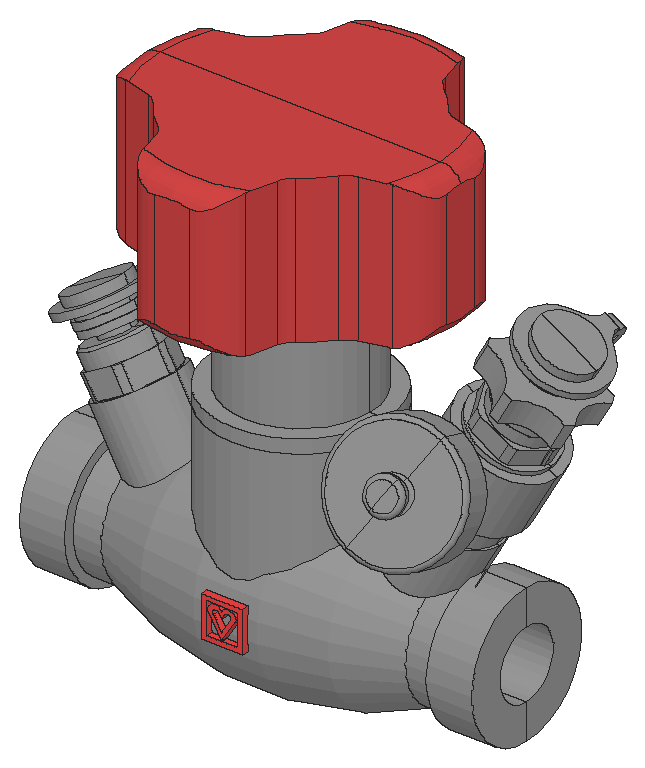
Revit family "HERZ Strömax Commissioning Valve With Test Points, Straight Body 4217 GML (LF-MF)", category Rohrzubehör, Revit 2021
Family settings
  Bemaßung runder Anschluss = Durchmesser verwenden
  Teiletyp = Unterbricht
  OmniClass-Nummer = 23.65.55.14
  OmniClass-Titel = Valves for Liquid Services
  Arbeitsebenenbasiert = Nein
  Immer vertikal = Ja
  Beim Laden mit Abzugskörper schneiden = Nein
  Gemeinsam genutzt = Nein
Parameters (values of type "MF")
  kvs-value [instance] = if(and(LF, Nennweite = 15.00 mm), 0.93, if(and(MF, Nennweite = 15.00 mm), 3.49, 0))  # 3.49
  W02 = 60.00°  # constant formula
  W01 = 30.00°  # constant formula
  Vorgabe-Ansicht = 0.00 mm
  URL = "www.herzvalves.com"
  SC_NennweiteBerechnet = 0
  SC_Dimension = ""
  SCRNSEQ = "ARM;ARM_TYP=\"STRV\";2"
  SCRNCODE = "05;07;02"  # constant formula
  S02 = 60.00 mm  # constant formula
  S01 [instance] = H00 + H01  # 68.20 mm
  R01 [instance] = 21.00 mm  # constant formula
  Part number [instance] = if(and(LF, Nennweite = 15.00 mm), 1421710, if(and(MF, Nennweite = 15.00 mm), 1421719, 0))  # 1421719
  Nennweite [instance] = 15.00 mm
  Model = "STRÖMAX-GML commissioning valve with test points and capillary connection 1/2′′ – 3′′:\r\nScrew down model, brass version, socket x socket, non-rising spindle, spindle seal by means of double-O-ring, presetting by limitation of valve lift by means of internal spindle;\r\ndigital display of presetting step at the hand wheel window.\r\nOne standard test point and one test point fitted with a capillary connection are located adjacent to the hand wheel."
  Medium = "Water purity in accordance with the OeNORM H5195 and VDI 2035 standards.\r\nEthylene and propylene glycol can be mixed to a ratio of 25 - 50 vol. [%]."
  Max. operating pressure = 1600000.0 Pa  # constant formula
  Max. operating temperature (up to DN32) = 130 °C  # constant formula
  Max. operating temperature (from DN40) = 110 °C  # constant formula
  ML02 [instance] = 30.20 mm  # constant formula
  ML01 [instance] = 20.67 mm  # constant formula
  MF [instance] = yes
  MD01 = 9.50 mm  # constant formula
  LF [instance] = no
  L02 [instance] = 10.00 mm  # constant formula
  L01 [instance] = 16.30 mm  # constant formula
  L00 [instance] = 100.00 mm  # constant formula
  IG [instance] = Nennweite / 2  # 7.50 mm
  Hersteller = "HERZ Armaturen Ges.m.b.H."  # constant formula
  H04 [instance] = 2.50 mm  # constant formula
  H03 = 10.00 mm  # constant formula
  H02 [instance] = 3.00 mm  # constant formula
  H01 [instance] = 33.30 mm  # constant formula
  H00 [instance] = 34.90 mm  # constant formula
  Weight [instance] = if(and(LF, Nennweite = 15.00 mm), "0.98 kg", if(and(MF, Nennweite = 15.00 mm), "0.97 kg", "0 kg"))  # "0.97 kg"
  GT [instance] = 15.00 mm  # constant formula
  Field of application = "For hydraulic balancing in heating and cooling systems, adjustment of distribution mains, circuits, heat exchangers, heating and cooling registers, etc."
  Installation position = "The non-rising valve spindle arranged perpendicular to the valve axis guarantees optimum accessibility and optimum valve operation in any installation position."
  Differential pressure measurement = "STRÖMAX-GML commissioning valve is equipped with two test points.\r\nThe differential pressure can be measured using a suitable measuring instrument, which permits calculation of the flow rate as a function of the respective presetting step.\r\nThe HERZ-Measuring computer (1 8900 05) permits direct flow rate reading (consult the equipment manual)."
  DN50-DN80 [instance] = H00 + H01  # 68.20 mm
  DN15-DN40 [instance] = H00 + H01  # 68.20 mm
  DN15 [instance] = Nennweite = 15.00 mm  # yes
  D06 [instance] = 15.40 mm  # constant formula
  D05 [instance] = 13.15 mm  # constant formula
  D04 = 9.00 mm  # constant formula
  D03 [instance] = 19.00 mm  # constant formula
  D02 [instance] = 15.25 mm  # constant formula
  D01 [instance] = 13.20 mm  # constant formula
  Body = "DZR brass"  # constant formula
Types (3, lengths in mm): name | kvs-value | Part number | MF | LF | Weight
  (no name) | 3.49 | 1421719 | yes | no | "0.97 kg"
  LF | 0.93 | 1421710 | no | yes | "0.98 kg"
  MF | 3.49 | 1421719 | yes | no | "0.97 kg"
Reference planes
  plane 1 "Mitte (Vorne/hinten)": y = 0
  plane 2: z = 0
  plane 3 "Mitte (Links/rechts)": x = 0
Forms (mm)
  Revolve 1, solid, material "Messing, weicher Gelbton, geschweißt", detail levels fine
    sketch origin (0, 0, 0) x (1, 0, 0) y (0, 0, 1)
      loop
        line (-50, 15.25) -> (-50, 7.5) -> (-35, 7.5) -> (-35, 0) -> (35, 0) -> (35, 7.5) -> (50, 7.5) -> (50, 15.25) -> (40, 15.25) -> (40, 13.2) -> (33.7, 13.2)
        arc (33.7, 13.2) -> (0, 21) -> (-33.7, 13.2) r 76.701
        line (-33.7, 13.2) -> (-40, 13.2) -> (-40, 15.25) -> (-50, 15.25)
      axis (-50, 0) -> (50, 0)
    angle from 0 to 360
  Revolve 2, solid, material "Messing, weicher Gelbton, geschweißt", detail levels fine
    sketch origin (0, 0, 0) x (1, 0, 0) y (0, 0, 1)
      loop
        line (20.67, 0) -> (35.77, 26.154) -> (27.543, 30.904) -> (12.443, 4.75) -> (20.67, 0)
      axis (20.67, 0) -> (35.77, 26.154)
    angle from 0 to 360
  Revolve 3, solid, material "Messing, weicher Gelbton, geschweißt", detail levels fine
    sketch origin (0, 0, 0) x (1, 0, 0) y (0, 0, 1)
      loop
        line (0, 0) -> (0, 34.9) -> (-19, 34.9) -> (-19, 0) -> (0, 0)
      axis (0, 34.9) -> (0, 0)
    angle from 0 to 360
  Revolve 4, solid, material "Messing, weicher Gelbton, geschweißt", detail levels fine
    sketch origin (0, 0, 0) x (-1, 0, 0) y (0, 0, 1)
      loop
        line (20.67, 0) -> (35.77, 26.154) -> (27.543, 30.904) -> (12.443, 4.75) -> (20.67, 0)
      axis (20.67, 0) -> (35.77, 26.154)
    angle from 0 to 360
  Revolve 5, solid, material "Messing, weicher Gelbton, geschweißt", detail levels fine
    sketch origin (0, 0, 0) x (1, 0, 0) y (0, 0, 1)
      loop
        line (0, 34.9) -> (0, 68.2) -> (-9, 68.2) -> (-9, 58.2) -> (-13.15, 58.2) -> (-13.15, 55.7) -> (-15.4, 55.7) -> (-15.4, 37.9) -> (-19, 37.9) -> (-19, 34.9) -> (0, 34.9)
      axis (0, 68.2) -> (0, 34.9)
    angle from 0 to 360
Lines and regions (mm)
  model lines, detail levels coarse+medium
    curve 1: line (-50, 0, 15.25) -> (-50, 0, -15.25)
    curve 2: line (-50, 0, -15.25) -> (50, 0, 15.25)
    curve 3: line (50, 0, 15.25) -> (50, 0, -15.25)
    curve 4: line (50, 0, -15.25) -> (-50, 0, 15.25)
    curve 5: line (0, 0, 0) -> (39.375, 0, 68.2)
    curve 6: line (13.395, 0, 83.2) -> (65.356, 0, 53.2)
    curve 7: line (-50, 15.25, 0) -> (-50, -15.25, 0)
    curve 8: line (-50, -15.25, 0) -> (50, 15.25, 0)
    curve 9: line (50, 15.25, 0) -> (50, -15.25, 0)
    curve 10: line (50, -15.25, 0) -> (-50, 15.25, 0)
    curve 11: line (0, 0, 0) -> (39.375, 68.2, 0)
    curve 12: line (13.395, 83.2, 0) -> (65.356, 53.2, 0)
Dimensions and locks
  "IG": Revolve 1 sketch curve to plane 2
  "GT": Revolve 1 sketch curve to Revolve 1 sketch curve  (x2)
  "IG": Revolve 1 sketch curve to Revolve 1 sketch curve
  "D01": Revolve 1 sketch curve to Revolve 1 sketch curve  (x2)
  "R01": Revolve 1 sketch curve to Revolve 1 sketch curve
  "L02": Revolve 1 sketch curve to Revolve 1 sketch curve  (x2)
  "L01": Revolve 1 sketch curve to Revolve 1 sketch curve  (x2)
  "D02": Revolve 1 sketch curve to plane 2  (x2)
  equal spacing: Revolve 1 sketch curve, plane 3 "Mitte (Links/rechts)", Revolve 1 sketch curve
  "L00": Revolve 1 sketch curve to Revolve 1 sketch curve
  "R01": nested 1 to plane 1 "Mitte (Vorne/hinten)"
  "ML01": Revolve 2 sketch curve to plane 3 "Mitte (Links/rechts)"
  "H00": Revolve 3 sketch curve to plane 2
  "D03": Revolve 3 sketch curve to Revolve 3 sketch curve
  "ML02": Revolve 2 sketch curve to Revolve 2 sketch curve
  "MD01": Revolve 2 sketch curve to Revolve 2 sketch curve  (x2)
  "ML02": Revolve 4 sketch curve to Revolve 4 sketch curve
  "MD01": Revolve 4 sketch curve to Revolve 4 sketch curve  (x2)
  "ML01": plane 3 "Mitte (Links/rechts)" to Revolve 4 sketch curve
  "H00": Revolve 5 sketch curve to plane 2
  "H01": Revolve 5 sketch curve to Revolve 5 sketch curve
  "D04": Revolve 5 sketch curve to Revolve 5 sketch curve
  "D03": Revolve 5 sketch curve to Revolve 5 sketch curve
  "D05": Revolve 5 sketch curve to Revolve 5 sketch curve
  "D06": Revolve 5 sketch curve to Revolve 5 sketch curve
  "H02": Revolve 5 sketch curve to Revolve 5 sketch curve
  "H03": Revolve 5 sketch curve to Revolve 5 sketch curve
  "H04": Revolve 5 sketch curve to Revolve 5 sketch curve
  "DN15-DN40": nested 2 to plane 2
  "D02": curve 4 to plane 2 to curve 2
  "D02": curve 3 to plane 2 to curve 4
  equal spacing: curve 1, plane 3 "Mitte (Links/rechts)", curve 3
  "L00": curve 1 to curve 3
  equal spacing: Revolve 1, curve 5, Revolve 1
  "S01": curve 5 to plane 2
  equal spacing: curve 6, curve 5, curve 6
  "S02": curve 6 to curve 6
  "D02": curve 8 to plane 1 "Mitte (Vorne/hinten)" to curve 10
  "D02": curve 10 to plane 1 "Mitte (Vorne/hinten)" to curve 9
  equal spacing: curve 7, plane 3 "Mitte (Links/rechts)", curve 9
  "L00": curve 7 to curve 9
  equal spacing: curve 7, curve 11, curve 9
  "S01": plane 1 "Mitte (Vorne/hinten)" to curve 11
  equal spacing: curve 12, curve 11, curve 12
  "S02": curve 12 to curve 12
  "W01": angle Revolve 2 sketch curve to plane 3 "Mitte (Links/rechts)"  (x2)
  "W01": angle plane 3 "Mitte (Links/rechts)" to Revolve 4 sketch curve  (x2)
  "W02": angle plane 2 to curve 5
  "W02": angle plane 1 "Mitte (Vorne/hinten)" to curve 11
  aligned and locked: level to plane 2
Automatic sketch dimensions
  Revolve 1 sketch curve to level = 0.00 mm  (x2)
  Revolve 1 sketch curve to Revolve 1 sketch curve = 1429.986 mm
  Revolve 1 sketch curve to Revolve 1 sketch curve = 1762.604 mm
  Revolve 2 sketch curve to level = 0.00 mm  (x2)
  Revolve 3 sketch curve to level = 0.00 mm
  Revolve 3 sketch curve to plane 3 "Mitte (Links/rechts)" = 0.00 mm  (x2)
  Revolve 3 sketch curve to Revolve 3 sketch curve = 366.045 mm
  Revolve 3 sketch curve to Revolve 3 sketch curve = 2179.415 mm
  Revolve 4 sketch curve to level = 0.00 mm  (x2)
  Revolve 5 sketch curve to plane 3 "Mitte (Links/rechts)" = 0.00 mm  (x2)
  Revolve 5 sketch curve to level = 366.045 mm
  Revolve 5 sketch curve to Revolve 5 sketch curve = 2146.115 mm
Nested families
  nested 1: "Herz-Logo-vorne" at (0, -21, 0) x (0, 1, 0) z (0, 0, 1), type "Herz-Logo-vorne", detail levels fine
  nested 2: "Strangregulierventil-Handrad-Gerade (Rot) DN15-DN40" at (0, 0, 68.2), visible <- "DN15", type "Strangregulierventil-Handrad-Gerade (Rot) DN15-DN40", detail levels fine
    with Nennweite 0.00 mm, Gewicht 0.00 kg, Bestellnummer 0
  nested 3: "Messstutzen_Band-KFE_Austritt_30Grad_(oben)" at (41.17, 0, 35.507), visible <- "DN15", type "Messstutzen_Band_Austritt_30Grad_(oben)", detail levels fine
    with Schutzkappe yes, Nennweite 0.00 mm, Gewicht 0.00 kg, Bestellnummer 0
  nested 4: "Messstutzen_Band_Eintritt_30Grad_(oben)" at (-27.02, 0, 10.999) x (-1, 0, 0) z (0, 0, 1), visible <- "DN15", type "Messstutzen_Band_Eintritt_30Grad_(oben)", detail levels fine
    with Schutzkappe yes, Nennweite 0.00 mm, Gewicht 0.00 kg, Bestellnummer 0
Connectors
  piping at (-35, 0, 0), diameter 15, driven by "Nennweite"
    settings: on Revolve 1, index 1, connector inside diameter 609.6 mm, connector length 0.00 mm, flow factor 0, pipe flow 0.0 L/s, pressure drop 0.0 Pa, fitting loss kfactor 0, connector angle 0.00°, fixture units 0, engagement length 0.00 mm, angle of deflection 0.00°, flow configuration 0, flow direction 1, fitting loss method 0, system type 29, joint type 0, gender type 0, connector reference index -1, connector utility 0, adjustable connector no, is connector primary yes, connector description ""
  piping at (35, 0, 0), diameter 15, driven by "Nennweite"
    settings: on Revolve 1, index 2, connector inside diameter 609.6 mm, connector length 0.00 mm, flow factor 0, pipe flow 0.0 L/s, pressure drop 0.0 Pa, fitting loss kfactor 0, connector angle 0.00°, fixture units 0, engagement length 0.00 mm, angle of deflection 0.00°, flow configuration 0, flow direction 2, fitting loss method 0, system type 29, joint type 0, gender type 0, connector reference index -1, connector utility 0, adjustable connector no, is connector primary no, connector description ""
Definition of nested family "Herz-Logo-vorne"
  Parameters (values of type "Herz-Logo-vorne")
    Default Elevation = 0.00 mm
  Reference planes
    plane 1 "Mitte (Vorne/hinten)": y = 0
    plane 2: z = 0
    plane 3 "Mitte (Links/rechts)": x = 0
  Forms (mm)
    Extrusion 1, solid
      sketch origin (0.732, -0.018, 0.017) x (0, -1, 0) y (0, 0, 1)
        loop
          line (-0.018, -4.517) -> (4.482, -4.517) -> (4.482, 4.483) -> (-4.518, 4.483) -> (-4.518, -4.517) -> (-0.018, -4.517)
        loop
          line (-0.05, -3.48) -> (3.482, -3.48) -> (3.482, 3.483) -> (-3.518, 3.483) -> (-3.518, -3.48) -> (-0.05, -3.48)
        loop
          arc (-0.018, 2.383) -> (-1.543, 3.287) -> (-3.067, 2.383) r 1.738
          arc (-3.067, 2.383) -> (-3.191, 1.899) -> (-3.067, 1.415) r 1.009
          line (-3.067, 1.415) -> (-0.018, -3.281) -> (3.032, 1.415)
          arc (3.032, 1.415) -> (3.156, 1.899) -> (3.032, 2.383) r 1.009
          arc (3.032, 2.383) -> (1.507, 3.287) -> (-0.018, 2.383) r 1.738
        loop
          arc (1.885, 1.272) -> (2.005, 1.675) -> (1.885, 2.079) r 0.74
          arc (1.885, 2.079) -> (1.265, 2.416) -> (0.644, 2.079) r 0.74
          line (0.644, 2.079) -> (-0.018, 0.97) -> (-0.679, 2.079)
          arc (-0.679, 2.079) -> (-1.3, 2.416) -> (-1.921, 2.079) r 0.74
          arc (-1.921, 2.079) -> (-2.04, 1.675) -> (-1.921, 1.272) r 0.74
          line (-1.921, 1.272) -> (-0.018, -1.658) -> (1.885, 1.272)
      from 0 to 1.5
  Dimensions and locks
    aligned and locked: level to plane 2
Definition of nested family "Strangregulierventil-Handrad-Gerade (Rot) DN15-DN40"
  Parameters (values of type "Strangregulierventil-Handrad-Gerade (Rot) DN15-DN40")
    Default Elevation = 0.00 mm
    URL = "www.herz-armaturen.at"
    Nennweite [instance] = 0.00 mm
    Manufacturer = "Herz Armaturen GmbH"  # constant formula
    Gewicht [instance] = 0.00 kg
    Bestellnummer [instance] = 0
  Reference planes
    plane 1 "Mitte (Vorne/hinten)": y = 0
    plane 2: z = 0
    plane 3 "Mitte (Links/rechts)": x = 0
  Forms (mm)
    Revolve 1, solid, detail levels fine
      sketch origin (0, 0, 0) x (1, 0, 0) y (0, 0, 1)
        loop
          line (0, 0) -> (0, 24.95) -> (-30.992, 24.95)
          arc (-30.992, 24.95) -> (-34.37, 23.636) -> (-35.973, 20.386) r 5
          line (-35.973, 20.386) -> (-37, 8.65) -> (-35.986, -2.936)
          arc (-35.986, -2.936) -> (-34.383, -6.186) -> (-31.005, -7.5) r 5
          line (-31.005, -7.5) -> (-15, -7.5) -> (-15, 0) -> (0, 0)
        axis (0, 24.95) -> (0, -7.5)
      angle from 0 to 360
    Extrusion 2, void
      sketch origin (0, 0, 20.3) x (1, 0, 0) y (0, 1, 0)
        loop
          line (3.861, 35.5) -> (-3.861, 35.5)
          arc (-3.861, 35.5) -> (-8.731, 33.847) -> (-11.589, 29.571) r 8
          line (-11.589, 29.571) -> (-13.284, 23.245)
          arc (-13.284, 23.245) -> (-13.982, 21.722) -> (-15.144, 20.516) r 5
          arc (-15.144, 20.516) -> (-18.031, 18.031) -> (-20.516, 15.144) r 25.5
          arc (-20.516, 15.144) -> (-21.722, 13.982) -> (-23.245, 13.284) r 5
          line (-23.245, 13.284) -> (-29.571, 11.589)
          arc (-29.571, 11.589) -> (-33.847, 8.731) -> (-35.5, 3.861) r 8
          line (-35.5, 3.861) -> (-35.5, -3.861)
          arc (-35.5, -3.861) -> (-33.847, -8.731) -> (-29.571, -11.589) r 8
          line (-29.571, -11.589) -> (-23.245, -13.284)
          arc (-23.245, -13.284) -> (-21.722, -13.982) -> (-20.516, -15.144) r 5
          arc (-20.516, -15.144) -> (-18.031, -18.031) -> (-15.144, -20.516) r 25.5
          arc (-15.144, -20.516) -> (-13.982, -21.722) -> (-13.284, -23.245) r 5
          line (-13.284, -23.245) -> (-11.589, -29.571)
          arc (-11.589, -29.571) -> (-8.731, -33.847) -> (-3.861, -35.5) r 8
          line (-3.861, -35.5) -> (3.861, -35.5)
          arc (3.861, -35.5) -> (8.731, -33.847) -> (11.589, -29.571) r 8
          line (11.589, -29.571) -> (13.284, -23.245)
          arc (13.284, -23.245) -> (13.982, -21.722) -> (15.144, -20.516) r 5
          arc (15.144, -20.516) -> (18.031, -18.031) -> (20.516, -15.144) r 25.5
          arc (20.516, -15.144) -> (21.722, -13.982) -> (23.245, -13.284) r 5
          line (23.245, -13.284) -> (29.571, -11.589)
          arc (29.571, -11.589) -> (33.847, -8.731) -> (35.5, -3.861) r 8
          line (35.5, -3.861) -> (35.5, 3.861)
          arc (35.5, 3.861) -> (33.847, 8.731) -> (29.571, 11.589) r 8
          line (29.571, 11.589) -> (23.245, 13.284)
          arc (23.245, 13.284) -> (21.722, 13.982) -> (20.516, 15.144) r 5
          arc (20.516, 15.144) -> (18.031, 18.031) -> (15.144, 20.516) r 25.5
          arc (15.144, 20.516) -> (13.982, 21.722) -> (13.284, 23.245) r 5
          line (13.284, 23.245) -> (11.589, 29.571)
          arc (11.589, 29.571) -> (8.731, 33.847) -> (3.861, 35.5) r 8
        loop
          circle (0, 0) r 38
      from -31.266 to 7.923
  Cuts and joins
    Extrusion 2 cuts Revolve 1
  Dimensions and locks
    Revolve 1 sketch curve to Revolve 1 sketch curve = 15.00 mm
    Revolve 1 sketch curve to Revolve 1 sketch curve = 16.15 mm
    Revolve 1 sketch curve to Revolve 1 sketch curve = 16.30 mm
    angle Revolve 1 sketch curve to Revolve 1 sketch curve = 95.00°
    aligned and locked: level to plane 2
Definition of nested family "Messstutzen_Band-KFE_Austritt_30Grad_(oben)"
  Parameters (values of type "Messstutzen_Band-KFE_Austritt_30Grad_(oben)")
    Default Elevation = 0.00 mm
    URL = "www.herz-armaturen.at"
    Schutzkappe [instance] = yes
    Nennweite [instance] = 0.00 mm
    Manufacturer = "Herz Armaturen GmbH"  # constant formula
    Gewicht [instance] = 0.00 kg
    Bestellnummer [instance] = 0
  Reference planes
    plane 1 "Mitte (Vorne/hinten)": y = 0
    plane 2: z = 0
    plane 3 "Mitte (Links/rechts)": x = 0
  Forms (mm)
    Revolve 1, solid, detail levels fine
      sketch origin (0, 0, 0) x (0.866025, 0, -0.5) y (0.5, 0, 0.866025)
        loop
          line (-7.4, 9) -> (-5.55, 9) -> (-5.55, 6)
          arc (-5.55, 6) -> (-5.626, 5.617) -> (-5.843, 5.293) r 1
          line (-5.843, 5.293) -> (-6.455, 4.681) -> (-6.455, 0.9) -> (-5.555, 0) -> (-2, 0) -> (-2, 23) -> (-2, 35.8) -> (-3.805, 35.8) -> (-4.415, 35.19) -> (-4.415, 30.863) -> (-3.7, 30.45) -> (-3.7, 27) -> (-7.4, 27) -> (-7.4, 9)
        axis (0, 0) -> (0, 35.8)
      angle from 0 to 360
    Extrusion 2, solid, detail levels fine
      sketch origin (8.75, 0, 15.155) x (0, 1, 0) y (-0.866025, 0, 0.5)
        loop
          arc (-7.07, 5.156) -> (-7.578, 4.375) -> (-8, 3.544) r 8.75
          line (-8, 3.544) -> (-8, -3.544)
          arc (-8, -3.544) -> (-7.578, -4.375) -> (-7.07, -5.156) r 8.75
          line (-7.07, -5.156) -> (-0.93, -8.7)
          arc (-0.93, -8.7) -> (0, -8.75) -> (0.93, -8.7) r 8.75
          line (0.93, -8.7) -> (7.07, -5.156)
          arc (7.07, -5.156) -> (7.578, -4.375) -> (8, -3.544) r 8.75
          line (8, -3.544) -> (8, 3.544)
          arc (8, 3.544) -> (7.578, 4.375) -> (7.07, 5.156) r 8.75
          line (7.07, 5.156) -> (0.93, 8.7)
          arc (0.93, 8.7) -> (0, 8.75) -> (-0.93, 8.7) r 8.75
          line (-0.93, 8.7) -> (-7.07, 5.156)
      from -5.51 to -1.21
    Revolve 3, solid, visible <- "Schutzkappe", detail levels fine
      sketch origin (0, 0, 0) x (0.866025, 0, -0.5) y (0.5, 0, 0.866025)
        loop
          line (0, 35.878) -> (0, 36.678) -> (-7, 36.678) -> (-7, 33.378) -> (-6.1, 33.378) -> (-6.1, 31.678) -> (-6.9, 31.678) -> (-6.9, 30.178) -> (-4.415, 30.178) -> (-4.415, 35.268) -> (-3.805, 35.878) -> (0, 35.878)
        axis (0, 30.178) -> (0, 36.678)
      angle from 0 to 360
    Extrusion 4, solid, detail levels fine
      sketch origin (15, 0, 25.981) x (0, 1, 0) y (0.866025, 0, -0.5)
        loop
          circle (0, 0) r 3.7
        loop
          arc (5.505, -3.906) -> (7.288, -2.358) -> (9.582, -1.8) r 5
          line (9.582, -1.8) -> (9.582, 1.8)
          arc (9.582, 1.8) -> (7.288, 2.358) -> (5.505, 3.906) r 5
          arc (5.505, 3.906) -> (-6.75, 0) -> (5.505, -3.906) r 6.75
      from 0 to -1.5
    Extrusion 5, solid, detail levels fine
      sketch origin (16.589, 0, 28.733) x (0, 1, 0) y (0.866025, 0, -0.5)
        loop
          circle (0, 0) r 6.1
        loop
          arc (8.652, -4.495) -> (10.493, -2.527) -> (13.089, -1.8) r 5
          line (13.089, -1.8) -> (13.089, 1.8)
          arc (13.089, 1.8) -> (10.493, 2.527) -> (8.652, 4.495) r 5
          arc (8.652, 4.495) -> (-9.75, 0) -> (8.652, -4.495) r 9.75
      from 0 to -1.5
    Sweep 6, solid, detail levels fine
      path origin (0, 0, 0) x (-0.5, 0, -0.866025) y (0, 1, 0)
        loop
          line (-29.25, 9.582) -> (-29.25, 14.522)
          arc (-29.25, 14.522) -> (-30.839, 16.112) -> (-32.428, 14.522) r 1.589
          line (-32.428, 14.522) -> (-32.428, 13.089)
      profile origin (14.625, 12.052, 25.331) x (0.5, 0, 0.866025) y (0.866025, 0, -0.5)
        loop
          line (-0.75, -1.8) -> (0.75, -1.8) -> (0.75, 1.8) -> (-0.75, 1.8) -> (-0.75, -1.8)
    Extrusion 7, solid, detail levels fine
      sketch origin (-87.639, 0, 50.598) x (0.866025, 0, -0.5) y (0, 1, 0)
        loop
          arc (112.053, 5.113) -> (111.589, 6) -> (111.053, 6.845) r 12
          arc (111.053, 6.845) -> (105.696, 7.794) -> (102.196, 11.958) r 7.971
          arc (102.196, 11.958) -> (101.196, 12) -> (100.196, 11.958) r 12
          arc (100.196, 11.958) -> (96.696, 7.794) -> (91.34, 6.845) r 7.971
          arc (91.34, 6.845) -> (90.804, 6) -> (90.34, 5.113) r 12
          arc (90.34, 5.113) -> (92.196, 0) -> (90.34, -5.113) r 7.971
          arc (90.34, -5.113) -> (90.804, -6) -> (91.34, -6.845) r 12
          arc (91.34, -6.845) -> (96.696, -7.794) -> (100.196, -11.958) r 7.971
          arc (100.196, -11.958) -> (101.196, -12) -> (102.196, -11.958) r 12
          arc (102.196, -11.958) -> (105.696, -7.794) -> (111.053, -6.845) r 7.971
          arc (111.053, -6.845) -> (111.589, -6) -> (112.053, -5.113) r 12
          arc (112.053, -5.113) -> (110.196, 0) -> (112.053, 5.113) r 7.971
      from 22.3 to 28.5
    Revolve 8, solid, detail levels fine
      sketch origin (-47.563, 0, 4.367) x (-0.866025, 0, 0.5) y (0.5, 0, 0.866025)
        loop
          line (-43.374, 0) -> (-37.874, 0) -> (-36.774, 1.1) -> (-36.774, 4.9) -> (-37.874, 6) -> (-37.874, 8.4) -> (-36.424, 8.4) -> (-36.424, 9.2) -> (-34.424, 9.2) -> (-34.424, 15.59) -> (-31.874, 15.59) -> (-31.874, 30.99) -> (-33.874, 30.99) -> (-33.874, 31.99) -> (-43.374, 31.99) -> (-43.374, 0)
        loop
          line (-43.374, 39) -> (-43.374, 36.29) -> (-35.874, 36.29) -> (-35.874, 39) -> (-43.374, 39)
        axis (-43.374, 39) -> (-43.374, 0)
      angle from 0 to 360
    Revolve 9, solid, detail levels fine
      sketch origin (0, 0, 0) x (0, -1, 0) y (0.5, 0, 0.866025)
        loop
          line (0, -1.01) -> (32.627, 14.204) -> (27.556, 25.08) -> (25.934, 25.67) -> (21.602, 23.65) -> (14.873, 11.994) -> (-2.324, 3.975) -> (0, -1.01)
        axis (32.627, 14.204) -> (0, -1.01)
      angle from 0 to 360
    Revolve 10, solid, detail levels fine
      sketch origin (-19.899, -51.188, -34.465) x (-0.453154, -0.422618, -0.784886) y (0.211309, -0.906308, 0.365998)
        loop
          line (-56.786, 8) -> (-45.747, 8) -> (-45.747, 0) -> (-43.834, 0) -> (-42.786, 1.048) -> (-42.786, 8.048)
          arc (-42.786, 8.048) -> (-43.065, 8.721) -> (-43.738, 9) r 0.952
          line (-43.738, 9) -> (-52.974, 9)
          arc (-52.974, 9) -> (-53.548, 9.238) -> (-53.786, 9.812) r 0.812
          line (-53.786, 9.812) -> (-53.786, 12) -> (-52.786, 12) -> (-52.786, 13.03)
          arc (-52.786, 13.03) -> (-53.07, 13.716) -> (-53.756, 14) r 0.97
          line (-53.756, 14) -> (-56.786, 14) -> (-56.786, 8)
        axis (-56.786, 14) -> (-56.786, 0)
      angle from 0 to 360
  Dimensions and locks
    aligned and locked: level to plane 2
Definition of nested family "Messstutzen_Band_Eintritt_30Grad_(oben)"
  Parameters (values of type "Messstutzen_Band_Eintritt_30Grad_(oben)")
    Default Elevation = 0.00 mm
    URL = "www.herz-armaturen.at"
    Schutzkappe [instance] = yes
    Nennweite [instance] = 0.00 mm
    Manufacturer = "Herz Armaturen GmbH"  # constant formula
    Gewicht [instance] = 0.00 kg
    Bestellnummer [instance] = 0
  Reference planes
    plane 1 "Mitte (Vorne/hinten)": y = 0
    plane 2: z = 0
    plane 3 "Mitte (Links/rechts)": x = 0
  Forms (mm)
    Revolve 1, solid, detail levels fine
      sketch origin (0, 0, 0) x (0.866025, 0, -0.5) y (0.5, 0, 0.866025)
        loop
          line (-7.4, 9) -> (-5.55, 9) -> (-5.55, 6)
          arc (-5.55, 6) -> (-5.626, 5.617) -> (-5.843, 5.293) r 1
          line (-5.843, 5.293) -> (-6.455, 4.681) -> (-6.455, 0.9) -> (-5.555, 0) -> (-2, 0) -> (-2, 17.5) -> (-8.4, 17.5)
          arc (-8.4, 17.5) -> (-7.693, 17.207) -> (-7.4, 16.5) r 1
          line (-7.4, 16.5) -> (-7.4, 9)
        loop
          line (-3.7, 27) -> (-7.3, 27) -> (-7.9, 26.4) -> (-7.9, 23) -> (-2, 23) -> (-2, 35.8) -> (-3.805, 35.8) -> (-4.415, 35.19) -> (-4.415, 30.863) -> (-3.7, 30.45) -> (-3.7, 27)
        axis (0, 0) -> (0, 35.8)
      angle from 0 to 360
    Extrusion 2, solid, detail levels fine
      sketch origin (8.75, 0, 15.155) x (0, 1, 0) y (-0.866025, 0, 0.5)
        loop
          arc (-7.07, 5.156) -> (-7.578, 4.375) -> (-8, 3.544) r 8.75
          line (-8, 3.544) -> (-8, -3.544)
          arc (-8, -3.544) -> (-7.578, -4.375) -> (-7.07, -5.156) r 8.75
          line (-7.07, -5.156) -> (-0.93, -8.7)
          arc (-0.93, -8.7) -> (0, -8.75) -> (0.93, -8.7) r 8.75
          line (0.93, -8.7) -> (7.07, -5.156)
          arc (7.07, -5.156) -> (7.578, -4.375) -> (8, -3.544) r 8.75
          line (8, -3.544) -> (8, 3.544)
          arc (8, 3.544) -> (7.578, 4.375) -> (7.07, 5.156) r 8.75
          line (7.07, 5.156) -> (0.93, 8.7)
          arc (0.93, 8.7) -> (0, 8.75) -> (-0.93, 8.7) r 8.75
          line (-0.93, 8.7) -> (-7.07, 5.156)
      from 0 to 5.5
    Revolve 3, solid, visible <- "Schutzkappe", detail levels fine
      sketch origin (0, 0, 0) x (0.866025, 0, -0.5) y (0.5, 0, 0.866025)
        loop
          line (0, 35.878) -> (0, 36.678) -> (-7, 36.678) -> (-7, 33.378) -> (-6.1, 33.378) -> (-6.1, 31.678) -> (-6.9, 31.678) -> (-6.9, 30.178) -> (-4.415, 30.178) -> (-4.415, 35.268) -> (-3.805, 35.878) -> (0, 35.878)
        axis (0, 30.178) -> (0, 36.678)
      angle from 0 to 360
    Extrusion 4, solid, detail levels fine
      sketch origin (14.25, 0, 24.682) x (0, 1, 0) y (0.866025, 0, -0.5)
        loop
          circle (0, 0) r 3.7
        loop
          arc (5.505, -3.906) -> (7.288, -2.358) -> (9.582, -1.8) r 5
          line (9.582, -1.8) -> (9.582, 1.8)
          arc (9.582, 1.8) -> (7.288, 2.358) -> (5.505, 3.906) r 5
          arc (5.505, 3.906) -> (-6.75, 0) -> (5.505, -3.906) r 6.75
      from 0 to -1.5
    Extrusion 5, solid, detail levels fine
      sketch origin (16.589, 0, 28.733) x (0, 1, 0) y (0.866025, 0, -0.5)
        loop
          circle (0, 0) r 6.1
        loop
          arc (8.652, -4.495) -> (10.493, -2.527) -> (13.089, -1.8) r 5
          line (13.089, -1.8) -> (13.089, 1.8)
          arc (13.089, 1.8) -> (10.493, 2.527) -> (8.652, 4.495) r 5
          arc (8.652, 4.495) -> (-9.75, 0) -> (8.652, -4.495) r 9.75
      from 0 to -1.5
    Sweep 6, solid, detail levels fine
      path origin (0.933, -0.183, 1.116) x (-0.5, 0, -0.866025) y (0, 1, 0)
        loop
          line (-27.75, 9.582) -> (-27.75, 14.522)
          arc (-27.75, 14.522) -> (-30.089, 16.862) -> (-32.428, 14.522) r 2.339
          line (-32.428, 14.522) -> (-32.428, 13.089)
      profile origin (14.808, 11.869, 25.148) x (0.5, 0, 0.866025) y (0.866025, 0, -0.5)
        loop
          line (-0.75, -1.8) -> (0.75, -1.8) -> (0.75, 1.8) -> (-0.75, 1.8) -> (-0.75, -1.8)
  Dimensions and locks
    aligned and locked: level to plane 2
